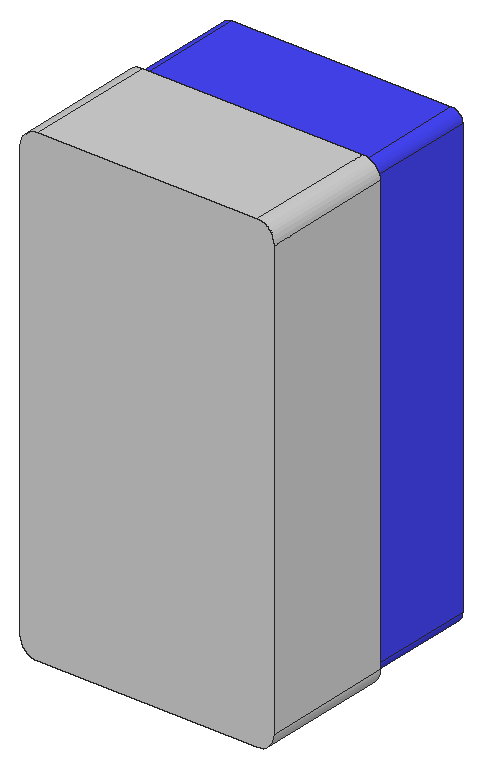
Revit family "Building-IEC309Connections-GEWISS-67IB-INTERLOCKED-SOCKET-OUTLETS_IP67_WITH_BOTTOM_63A_FUS", category Apparecchi elettrici, host Muro, Revit 2016 (continued)
Definition of nested family "2D - IB PRESE INTERBLOC VERT 63A + PORTAFUS IP67"
  Lines and regions (mm)
    model lines, in view "Livello rif."
      curve 155: line (72.5, 257.5, 0) -> (72.5, 12.5, 0)
      curve 156: line (-60, 270, 0) -> (60, 270, 0)
      curve 157: line (-72.5, 12.5, 0) -> (-72.5, 257.5, 0)
      curve 158: line (60, 0, 0) -> (-60, 0, 0)
      curve 159: line (27.373, 227.605, 0) -> (28.173, 227.605, 0)
      curve 160: line (28.173, 227.605, 0) -> (28.173, 233.605, 0)
      curve 161: line (28.173, 233.605, 0) -> (27.373, 233.605, 0)
      curve 162: line (27.373, 233.605, 0) -> (27.373, 227.605, 0)
      curve 163: line (-1.8, 242.555, 0) -> (-1.8, 240.155, 0)
      curve 164: line (1.8, 240.155, 0) -> (1.8, 242.555, 0)
      curve 165: line (-1, 242.555, 0) -> (-1, 240.155, 0)
      curve 166: line (1, 240.155, 0) -> (1, 242.555, 0)
      curve 167: line (-40.707, 142.943, 0) -> (-40.725, 142.373, 0)
      curve 168: line (-61.293, 142.943, 0) -> (-61.275, 142.376, 0)
      curve 169: line (-58.175, 139.485, 0) -> (-43.825, 139.485, 0)
      curve 170: line (61.293, 142.943, 0) -> (61.275, 142.373, 0)
      curve 171: line (40.707, 142.943, 0) -> (40.725, 142.376, 0)
      curve 172: line (43.76, 139.484, 0) -> (58.175, 139.484, 0)
      curve 173: arc (1.498, 194.434, 0) -> (0.904, 195.639, 0) -> (-0.413, 195.903, 0) r 1.52
      curve 174: arc (-0.759, 195.763, 0) -> (-1.331, 195.205, 0) -> (-1.541, 194.434, 0) r 1.52
      curve 175: arc (-1.541, 182.546, 0) -> (-0.022, 181.027, 0) -> (1.498, 182.546, 0) r 1.52
      curve 176: arc (4.711, 232.572, 0) -> (2.359, 232.756, 0) -> (0, 232.817, 0) r 45.391
      curve 177: arc (0, 232.817, 0) -> (-2.359, 232.756, 0) -> (-4.711, 232.572, 0) r 45.391
      curve 178: arc (5.607, 231.591, 0) -> (5.346, 232.252, 0) -> (4.711, 232.572, 0) r 1
      curve 179: arc (-4.711, 232.572, 0) -> (-5.346, 232.252, 0) -> (-5.607, 231.591, 0) r 1
      curve 180: line (-0.413, 195.903, 0) -> (-0.413, 194.525, 0)
      curve 181: line (-0.413, 194.525, 0) -> (-0.759, 194.525, 0)
      curve 182: line (-0.759, 194.525, 0) -> (-0.759, 195.763, 0)
      curve 183: line (-1.541, 194.434, 0) -> (-1.541, 193.667, 0)
      curve 184: line (-1.541, 193.667, 0) -> (0.37, 193.667, 0)
      curve 185: line (0.37, 193.667, 0) -> (0.37, 194.871, 0)
      curve 186: line (0.37, 194.871, 0) -> (0.716, 194.871, 0)
      curve 187: line (0.716, 194.871, 0) -> (0.716, 193.667, 0)
      curve 188: line (0.716, 193.667, 0) -> (1.498, 193.667, 0)
      curve 189: line (1.498, 193.667, 0) -> (1.498, 194.434, 0)
      curve 190: line (0.716, 191.034, 0) -> (1.498, 191.034, 0)
      curve 191: line (1.498, 191.034, 0) -> (1.498, 193.321, 0)
      curve 192: line (1.498, 193.321, 0) -> (-0.413, 193.321, 0)
      curve 193: line (-0.413, 193.321, 0) -> (-0.413, 191.892, 0)
      curve 194: line (-0.413, 191.892, 0) -> (-0.759, 191.892, 0)
      curve 195: line (-0.759, 191.892, 0) -> (-0.759, 193.321, 0)
      curve 196: line (-0.759, 193.321, 0) -> (-1.541, 193.321, 0)
      curve 197: line (-1.541, 193.321, 0) -> (-1.541, 191.034, 0)
      curve 198: line (-1.541, 191.034, 0) -> (0.37, 191.034, 0)
      curve 199: line (0.37, 191.034, 0) -> (0.37, 192.464, 0)
      curve 200: line (0.37, 192.464, 0) -> (0.716, 192.464, 0)
      curve 201: line (0.716, 192.464, 0) -> (0.716, 191.034, 0)
      curve 202: line (-0.413, 189.906, 0) -> (1.498, 189.906, 0)
      curve 203: line (1.498, 189.906, 0) -> (1.498, 190.688, 0)
      curve 204: line (1.498, 190.688, 0) -> (-0.413, 190.688, 0)
      curve 205: line (-0.413, 190.688, 0) -> (-0.413, 189.906, 0)
      curve 206: line (1.498, 187.488, 0) -> (1.498, 186.658, 0)
      curve 207: line (1.498, 186.658, 0) -> (-0.759, 186.132, 0)
      curve 208: line (-0.759, 186.132, 0) -> (-0.759, 185.241, 0)
      curve 209: line (-0.759, 185.241, 0) -> (-1.541, 185.241, 0)
      curve 210: line (-1.541, 185.241, 0) -> (-1.541, 186.753, 0)
      curve 211: line (-1.541, 186.753, 0) -> (0.179, 187.154, 0)
      curve 212: line (0.179, 187.154, 0) -> (-1.541, 187.498, 0)
      curve 213: line (-1.541, 187.498, 0) -> (-1.541, 188.304, 0)
      curve 214: line (-1.541, 188.304, 0) -> (0.075, 188.681, 0)
      curve 215: line (0.075, 188.681, 0) -> (-1.541, 189.004, 0)
      curve 216: line (-1.541, 189.004, 0) -> (-1.541, 190.688, 0)
      curve 217: line (-1.541, 190.688, 0) -> (-0.759, 190.688, 0)
      curve 218: line (-0.759, 190.688, 0) -> (-0.759, 189.646, 0)
      curve 219: line (-0.759, 189.646, 0) -> (1.498, 189.194, 0)
      curve 220: line (1.498, 189.194, 0) -> (1.498, 188.371, 0)
      curve 221: line (1.498, 188.371, 0) -> (-0.538, 187.896, 0)
      curve 222: line (-0.538, 187.896, 0) -> (1.498, 187.488, 0)
      curve 223: line (-1.541, 183.662, 0) -> (1.498, 183.662, 0)
      curve 224: line (1.498, 183.662, 0) -> (1.498, 185.949, 0)
      curve 225: line (1.498, 185.949, 0) -> (0.716, 185.949, 0)
      curve 226: line (0.716, 185.949, 0) -> (0.716, 184.519, 0)
      curve 227: line (0.716, 184.519, 0) -> (0.37, 184.519, 0)
      curve 228: line (0.37, 184.519, 0) -> (0.37, 185.949, 0)
      curve 229: line (0.37, 185.949, 0) -> (-0.413, 185.949, 0)
      curve 230: line (-0.413, 185.949, 0) -> (-0.413, 184.519, 0)
      curve 231: line (-0.413, 184.519, 0) -> (-0.759, 184.519, 0)
      curve 232: line (-0.759, 184.519, 0) -> (-0.759, 184.895, 0)
      curve 233: line (-0.759, 184.895, 0) -> (-1.541, 184.895, 0)
      curve 234: line (-1.541, 184.895, 0) -> (-1.541, 183.662, 0)
      curve 235: line (-1.541, 182.546, 0) -> (-1.541, 183.316, 0)
      curve 236: line (-1.541, 183.316, 0) -> (-0.759, 183.316, 0)
      curve 237: line (-0.759, 183.316, 0) -> (-0.759, 182.112, 0)
      curve 238: line (-0.759, 182.112, 0) -> (0.716, 182.112, 0)
      curve 239: line (0.716, 182.112, 0) -> (0.716, 182.458, 0)
      curve 240: line (0.716, 182.458, 0) -> (-0.413, 182.458, 0)
      curve 241: line (-0.413, 182.458, 0) -> (-0.413, 183.316, 0)
      curve 242: line (-0.413, 183.316, 0) -> (1.498, 183.316, 0)
      curve 243: line (1.498, 183.316, 0) -> (1.498, 182.546, 0)
      curve 244: arc (31.994, 149.331, 0) -> (38.7, 156.025, 0) -> (32.006, 162.731, 0) r 6.7
      curve 245: arc (20.006, 162.731, 0) -> (13.3, 156.038, 0) -> (19.994, 149.331, 0) r 6.7
      curve 246: arc (-20.006, 149.331, 0) -> (-13.3, 156.025, 0) -> (-19.994, 162.731, 0) r 6.7
      curve 247: arc (-31.994, 162.731, 0) -> (-38.7, 156.038, 0) -> (-32.006, 149.331, 0) r 6.7
      curve 248: arc (20.834, 229.715, 0) -> (13.926, 233.525, 0) -> (6.357, 235.748, 0) r 36.205
      curve 249: arc (27.14, 237.517, 0) -> (27.078, 237.61, 0) -> (27.014, 237.701, 0) r 4.402
      curve 250: arc (27.014, 237.701, 0) -> (17.787, 242.846, 0) -> (7.634, 245.766, 0) r 46.295
      curve 251: arc (7.634, 245.766, 0) -> (7.527, 245.747, 0) -> (7.419, 245.725, 0) r 4.566
      curve 252: circle (0, 200.105, 0) r 35.268 normal (0, 0, 1)
      curve 253: arc (6.641, 245.582, 0) -> (3.329, 245.944, 0) -> (0, 246.065, 0) r 45.96
      curve 254: arc (0, 246.065, 0) -> (-2.093, 245.198, 0) -> (-2.96, 243.105, 0) r 2.96
      curve 255: arc (-2.96, 239.605, 0) -> (-2.093, 237.512, 0) -> (0, 236.645, 0) r 2.96
      curve 256: arc (6.307, 236.097, 0) -> (3.165, 236.508, 0) -> (0, 236.645, 0) r 36.54
      curve 257: arc (6.357, 235.748, 0) -> (6.339, 235.923, 0) -> (6.307, 236.097, 0) r 2.191
      curve 258: arc (24.602, 227.123, 0) -> (22.901, 228.578, 0) -> (21.115, 229.927, 0) r 36.54
      curve 259: arc (21.115, 229.927, 0) -> (20.971, 229.826, 0) -> (20.834, 229.715, 0) r 2.233
      curve 260: arc (24.602, 227.123, 0) -> (31.258, 227.437, 0) -> (30.938, 234.093, 0) r 4.71
      curve 261: arc (30.938, 234.093, 0) -> (29.295, 235.519, 0) -> (27.586, 236.865, 0) r 45.96
      curve 262: spline (-40.163, 143.824, 0) -> (-40.162, 143.759, 0) -> (-40.161, 143.695, 0) -> (-40.158, 143.634, 0) -> (-40.155, 143.576, 0) -> (-40.151, 143.523, 0) -> (-40.147, 143.475, 0) -> (-40.142, 143.433, 0) -> (-40.136, 143.398, 0) -> (-40.13, 143.37, 0) -> (-40.123, 143.351, 0) -> (-40.116, 143.339, 0) -> (-40.11, 143.336, 0)
      curve 263: spline (-40.11, 143.336, 0) -> (-40.163, 143.333, 0) -> (-40.216, 143.325, 0) -> (-40.268, 143.311, 0) -> (-40.318, 143.291, 0) -> (-40.365, 143.266, 0) -> (-40.41, 143.236, 0) -> (-40.451, 143.202, 0) -> (-40.489, 143.163, 0) -> (-40.522, 143.121, 0) -> (-40.55, 143.075, 0) -> (-40.573, 143.026, 0) -> (-40.591, 142.976, 0)
      curve 264: spline (-61.89, 143.336, 0) -> (-61.884, 143.339, 0) -> (-61.877, 143.351, 0) -> (-61.87, 143.37, 0) -> (-61.864, 143.398, 0) -> (-61.858, 143.433, 0) -> (-61.853, 143.475, 0) -> (-61.849, 143.523, 0) -> (-61.845, 143.576, 0) -> (-61.842, 143.634, 0) -> (-61.839, 143.695, 0) -> (-61.838, 143.759, 0) -> (-61.837, 143.824, 0)
      curve 265: spline (-61.409, 142.976, 0) -> (-61.427, 143.026, 0) -> (-61.45, 143.075, 0) -> (-61.478, 143.121, 0) -> (-61.511, 143.163, 0) -> (-61.549, 143.202, 0) -> (-61.59, 143.236, 0) -> (-61.635, 143.266, 0) -> (-61.682, 143.291, 0) -> (-61.732, 143.311, 0) -> (-61.784, 143.325, 0) -> (-61.837, 143.333, 0) -> (-61.89, 143.336, 0)
      curve 266: spline (61.837, 143.824, 0) -> (61.838, 143.759, 0) -> (61.839, 143.695, 0) -> (61.842, 143.634, 0) -> (61.845, 143.576, 0) -> (61.849, 143.523, 0) -> (61.853, 143.475, 0) -> (61.858, 143.433, 0) -> (61.864, 143.398, 0) -> (61.87, 143.37, 0) -> (61.877, 143.351, 0) -> (61.884, 143.339, 0) -> (61.89, 143.336, 0)
      curve 267: spline (61.89, 143.336, 0) -> (61.837, 143.333, 0) -> (61.784, 143.325, 0) -> (61.732, 143.311, 0) -> (61.682, 143.291, 0) -> (61.635, 143.266, 0) -> (61.59, 143.236, 0) -> (61.549, 143.202, 0) -> (61.511, 143.163, 0) -> (61.478, 143.121, 0) -> (61.45, 143.075, 0) -> (61.427, 143.026, 0) -> (61.409, 142.976, 0)
      curve 268: spline (40.11, 143.336, 0) -> (40.117, 143.34, 0) -> (40.124, 143.352, 0) -> (40.13, 143.373, 0) -> (40.136, 143.401, 0) -> (40.142, 143.436, 0) -> (40.147, 143.478, 0) -> (40.152, 143.526, 0) -> (40.155, 143.579, 0) -> (40.159, 143.636, 0) -> (40.161, 143.697, 0) -> (40.162, 143.76, 0) -> (40.163, 143.824, 0)
      curve 269: spline (40.591, 142.976, 0) -> (40.573, 143.026, 0) -> (40.55, 143.075, 0) -> (40.522, 143.121, 0) -> (40.489, 143.163, 0) -> (40.451, 143.202, 0) -> (40.41, 143.236, 0) -> (40.365, 143.266, 0) -> (40.318, 143.291, 0) -> (40.268, 143.311, 0) -> (40.216, 143.325, 0) -> (40.163, 143.333, 0) -> (40.11, 143.336, 0)
      curve 270: line (19.994, 149.331, 0) -> (31.994, 149.331, 0)
      curve 271: line (20.006, 162.731, 0) -> (32.006, 162.731, 0)
      curve 272: line (-32.006, 149.331, 0) -> (-20.006, 149.331, 0)
      curve 273: line (-31.994, 162.731, 0) -> (-19.994, 162.731, 0)
      curve 274: line (-72.299, 257.5, 0) -> (-72.5, 257.5, 0)
      curve 275: line (72.463, 257.5, 0) -> (72.299, 257.5, 0)
      curve 276: line (-2.96, 243.105, 0) -> (-2.96, 239.605, 0)
      curve 277: line (7.299, 245.719, 0) -> (6.83, 245.636, 0)
      curve 278: line (6.83, 245.636, 0) -> (6.641, 245.582, 0)
      curve 279: line (27.14, 237.517, 0) -> (27.287, 237.347, 0)
      curve 280: line (27.287, 237.347, 0) -> (27.421, 237.155, 0)
      curve 281: line (27.421, 237.155, 0) -> (27.586, 236.865, 0)
      curve 282: line (-40.163, 143.824, 0) -> (-40.198, 157.734, 0)
      curve 283: line (-40.198, 157.734, 0) -> (-61.802, 157.734, 0)
      curve 284: line (-61.837, 143.824, 0) -> (-61.802, 157.734, 0)
      curve 285: line (61.837, 143.824, 0) -> (61.802, 157.734, 0)
      curve 286: line (61.802, 157.734, 0) -> (40.198, 157.734, 0)
      curve 287: line (40.163, 143.824, 0) -> (40.198, 157.734, 0)
      curve 288: circle (-27, 156.031, 0) r 5.84 normal (0, 0, 1)
      curve 289: circle (27, 156.031, 0) r 5.84 normal (0, 0, 1)
      curve 290: arc (-7.017, 180.944, 0) -> (-7.693, 189.475, 0) -> (-9.704, 197.794, 0) r 54.183
      curve 291: arc (-6.23, 171.458, 0) -> (0, 170.789, 0) -> (6.23, 171.458, 0) r 29.316
      curve 292: arc (9.704, 197.794, 0) -> (7.691, 189.465, 0) -> (7.017, 180.923, 0) r 54.183
      curve 293: arc (10.015, 198.717, 0) -> (9.857, 198.256, 0) -> (9.704, 197.794, 0) r 53.759
      curve 294: arc (10.015, 198.717, 0) -> (10.236, 200.104, 0) -> (9.964, 201.483, 0) r 4.001
      curve 295: arc (5.574, 224.985, 0) -> (6.667, 213.028, 0) -> (9.964, 201.483, 0) r 64.271
      curve 296: arc (-9.964, 201.483, 0) -> (-6.667, 213.028, 0) -> (-5.574, 224.985, 0) r 64.271
      curve 297: arc (-9.964, 201.483, 0) -> (-10.236, 200.104, 0) -> (-10.015, 198.717, 0) r 4.001
      curve 298: arc (-9.704, 197.794, 0) -> (-9.857, 198.256, 0) -> (-10.015, 198.717, 0) r 53.759
      curve 299: spline (-7.017, 172.435, 0) -> (-7.011, 172.322, 0) -> (-6.992, 172.211, 0) -> (-6.96, 172.102, 0) -> (-6.917, 171.998, 0) -> (-6.861, 171.9, 0) -> (-6.796, 171.808, 0) -> (-6.72, 171.724, 0) -> (-6.635, 171.649, 0) -> (-6.543, 171.584, 0) -> (-6.443, 171.531, 0) -> (-6.338, 171.488, 0) -> (-6.23, 171.458, 0)
      curve 300: spline (6.23, 171.458, 0) -> (6.338, 171.488, 0) -> (6.443, 171.531, 0) -> (6.543, 171.584, 0) -> (6.635, 171.649, 0) -> (6.72, 171.724, 0) -> (6.796, 171.808, 0) -> (6.861, 171.9, 0) -> (6.917, 171.998, 0) -> (6.96, 172.102, 0) -> (6.992, 172.211, 0) -> (7.011, 172.322, 0) -> (7.017, 172.435, 0)
      curve 301: line (-60.526, 157.734, 0) -> (-41.474, 157.734, 0)
      curve 302: line (41.474, 157.734, 0) -> (60.526, 157.734, 0)
      curve 303: line (-7.017, 180.944, 0) -> (-7.017, 172.435, 0)
      curve 304: line (7.017, 180.923, 0) -> (7.017, 172.435, 0)
      curve 305: line (5.607, 231.591, 0) -> (5.574, 224.985, 0)
      curve 306: line (-5.607, 231.591, 0) -> (-5.574, 224.985, 0)
Types (11, lengths in mm): name | Tipo Simbolo | Technical sheet | Reference h | Rated voltage: | Rated voltage | Presa | Potenza | Numero poli | Number of poles | No. of poles | Modello | Immagine tipo | IDT | IB socket outlet rated current (In) | EAN code | Descrizione | Colour: | Colour
  GW67245N - 2P+E 63A 110V V.INT.SOCK.O.W.B.4H CBF | PRESAINDPFUS : 2P | "https://www.gewiss.com/ww/en/search?q=GW67245N" | "4" | "100 - 130 V" | "100 - 130 V" | GEWISS - GIALLO | 110 V | 2 | "2P+E" | "2P+E" | "GW67245N" | GW67245N.jpg | "75e21ffc-e24b-42f5-81f5-3eca0e25fa48" | "54A" | "8011564742154" | "2P+E 63A 110V V.INT.SOCK.O.W.B.4H CBF" | "Yellow" | "Yellow"
  GW67246N - 3P+E 63A 110V V.INT.SOCK.O.W.B.4H CBF | PRESAINDPFUS : 3P | "https://www.gewiss.com/ww/en/search?q=GW67246N" | "4" | "100 - 130 V" | "100 - 130 V" | GEWISS - GIALLO | 110 V | 3 | "3P+E" | "3P+E" | "GW67246N" | GW67245N.jpg | "f0edf303-f6f3-471c-8832-2f39ec08b6d0" | "52A" | "8011564742161" | "3P+E 63A 110V V.INT.SOCK.O.W.B.4H CBF" | "Yellow" | "Yellow"
  GW67247N - 3P+N+T 63A 110V V.INT.SOCK.O.W.B.4H CBF | PRESAINDPFUS : 3P | "https://www.gewiss.com/ww/en/search?q=GW67247N" | "4" | "100 - 130 V" | "100 - 130 V" | GEWISS - GIALLO | 110 V | 3 | "3P+N+E" | "3P+N+E" | "GW67247N" | GW67245N.jpg | "988bef1f-4404-46a9-900d-16c0072cb507" | "48A" | "8011564742178" | "3P+N+T 63A 110V V.INT.SOCK.O.W.B.4H CBF" | "Yellow" | "Yellow"
  GW67248N - 2P+E 63A 230V V.INT.SOCK.O.W.B.6H CBF | PRESAINDPFUS : 2P | "https://www.gewiss.com/ww/en/search?q=GW67248N" | "6" | "200 - 250 V" | "200 - 250 V" | GEWISS -BLU | 230 V | 2 | "2P+E" | "2P+E" | "GW67248N" | GW67248N.jpg | "0f50aefc-8b62-4424-ad2e-9d7e70bd5565" | "54A" | "8011564742185" | "2P+E 63A 230V V.INT.SOCK.O.W.B.6H CBF" | "Blue" | "Blue"
  GW67249N - 3P+E 63A 230V V.INT.SOCK.O.W.B.9H CBF | PRESAINDPFUS : 3P | "https://www.gewiss.com/ww/en/search?q=GW67249N" | "9" | "200 - 250 V" | "200 - 250 V" | GEWISS -BLU | 230 V | 3 | "3P+E" | "3P+E" | "GW67249N" | GW67248N.jpg | "6a8054e5-1ad7-4ecd-b4c8-2701be64e304" | "52A" | "8011564742192" | "3P+E 63A 230V V.INT.SOCK.O.W.B.9H CBF" | "Blue" | "Blue"
  GW67250N - 3P+N+T 63A 230V V.INT.SOCK.O.W.B.9H CBF | PRESAINDPFUS : 3P | "https://www.gewiss.com/ww/en/search?q=GW67250N" | "9" | "200 - 250 V" | "200 - 250 V" | GEWISS -BLU | 230 V | 3 | "3P+N+E" | "3P+N+E" | "GW67250N" | GW67248N.jpg | "70e28c87-f6f5-4e80-af1d-078a08a626f9" | "48A" | "8011564742208" | "3P+N+T 63A 230V V.INT.SOCK.O.W.B.9H CBF" | "Blue" | "Blue"
  GW67251N - 2P+E 63A 400V V.INT.SOCK.O.W.B.9H CBF | PRESAINDPFUS : 2P | "https://www.gewiss.com/ww/en/search?q=GW67251N" | "9" | "380 - 415 V" | "380 - 415 V" | GW - ROSSO | 400 V | 2 | "2P+E" | "2P+E" | "GW67251N" | GW67251N.jpg | "ddbee239-5c1a-499c-96da-6e439cd37584" | "54A" | "8011564742215" | "2P+E 63A 400V V.INT.SOCK.O.W.B.9H CBF" | "Red" | "Red"
  GW67252N - 3P+E 63A 400V V.INT.SOCK.O.W.B.6H CBF | PRESAINDPFUS : 3P | "https://www.gewiss.com/ww/en/search?q=GW67252N" | "6" | "380 - 415 V" | "380 - 415 V" | GW - ROSSO | 400 V | 3 | "3P+E" | "3P+E" | "GW67252N" | GW67251N.jpg | "09da8fb5-6a28-4a9a-b9b3-701aec00e37d" | "52A" | "8011564742222" | "3P+E 63A 400V V.INT.SOCK.O.W.B.6H CBF" | "Red" | "Red"
  GW67253N - 3P+N+T 63A 400V V.INT.SOCK.O.W.B.6H CBF | PRESAINDPFUS : 3P | "https://www.gewiss.com/ww/en/search?q=GW67253N" | "6" | "380 - 415 V" | "380 - 415 V" | GW - ROSSO | 400 V | 3 | "3P+N+E" | "3P+N+E" | "GW67253N" | GW67251N.jpg | "97626786-935c-46f3-8818-172a3d132a53" | "48A" | "8011564742239" | "3P+N+T 63A 400V V.INT.SOCK.O.W.B.6H CBF" | "Red" | "Red"
  GW67254N - 3P+E 63A 500V V.INT.SOCK.O.W.B.7H CBF | PRESAINDPFUS : 3P | "https://www.gewiss.com/ww/en/search?q=GW67254N" | "7" | "480 - 500 V" | "480 - 500 V" | GEWISS - NERO | 500 V | 3 | "3P+E" | "3P+E" | "GW67254N" | GW67254N.jpg | "b6c982c8-ed38-4f16-88bd-40fd8395360f" | "52A" | "8011564742246" | "3P+E 63A 500V V.INT.SOCK.O.W.B.7H CBF" | "Black" | "Black"
  GW67255N - 3P+N+T 63A 500V V.INT.SOCK.O.W.B.7H CBF | PRESAINDPFUS : 3P | "https://www.gewiss.com/ww/en/search?q=GW67255N" | "7" | "480 - 500 V" | "480 - 500 V" | GEWISS - NERO | 500 V | 3 | "3P+N+E" | "3P+N+E" | "GW67255N" | GW67254N.jpg | "c3a9b50e-4e9d-4f00-afb7-28748640f89d" | "48A" | "8011564742253" | "3P+N+T 63A 500V V.INT.SOCK.O.W.B.7H CBF" | "Black" | "Black"
